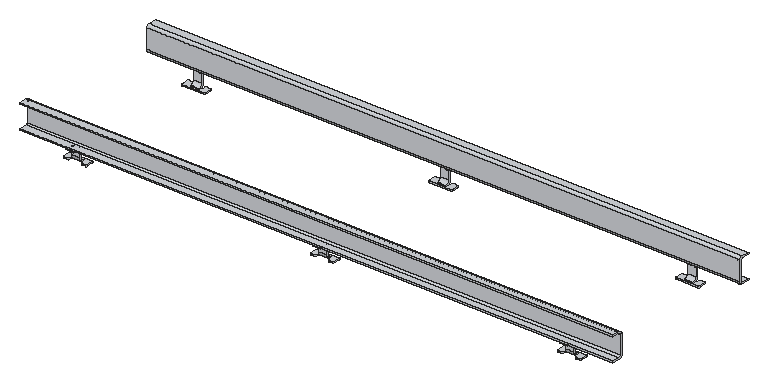
Revit family "C2000", category Specialty Equipment, Revit 2025
Family settings
  Round Connector Dimension = Use Diameter
  Part Type = Normal
  Work Plane-Based = No
  Enable Cutting in Views = No
  Always vertical = Yes
  Cut with Voids When Loaded = No
  Maintain Annotation Orientation = No
  Shared = No
  Room Calculation Point = No
Parameters (values of type "GR-18"")
  GR_LENGTH [instance] = 6' - 0"
  GR_HEIGHT [instance] = 0' - 3"
  Default Elevation = 0' - 0"
  Conveyor_Elevation_In [instance] = 2' - 6"
  CLR_NOMINAL_WIDTH [instance] = 1' - 6"
  BOTTOM CHANNEL GUARD RAIL [instance] = 0' - 1 11/16"
  BETWEEN GUARD RAIL [instance] = CLR_NOMINAL_WIDTH + 0' 1 59/128"  # 1' - 7 59/128"
  Array_NUM [instance] = if(GR_LENGTH = 10' 0", 3, if(GR_LENGTH < 6' 0", 2, 3))  # 3
  Array_Location [instance] = (GR_LENGTH - 1' 0") / (Array_NUM - 1)  # 2' - 6"
Types (5): name | GR_LENGTH | CLR_NOMINAL_WIDTH | BETWEEN GUARD RAIL | Array_Location
  GR-18" | 6' - 0" | 1' - 6" | 1' - 7 59/128" | 2' - 6"
  GR-24" | 11' - 5.84478" | 2' - 0" | 2' - 1 59/128" | 5' - 2.92239"
  GR-30" | 11' - 5.84478" | 2' - 6" | 2' - 7 59/128" | 5' - 2.92239"
  GR-36" | 11' - 5.84478" | 3' - 0" | 3' - 1 59/128" | 5' - 2.92239"
  GR-42" | 11' - 5.84478" | 3' - 6" | 3' - 7 59/128" | 5' - 2.92239"
Reference planes (in)
  plane 1 "Center (Front/Back)": y = 0
  plane 2: z = 0
  plane 3 "Center (Left/Right)": x = 0
  plane 4: z = 30
  plane 5: z = 31.6875
  plane 6: y = -9
  plane 7: y = 9
  plane 8: x = 72
Forms (in)
  Extrusion 1, solid
    sketch origin (0, -45.57592, -5.25) x (0, 1, 0) y (0, 0, 1)
      loop
        line (35.32592, 39.9375) -> (35.32592, 39.79297) -> (36.16269, 39.79297)
        arc (36.16269, 39.79297) -> (36.35269, 39.71427) -> (36.43139, 39.52427) r 0.2687
        line (36.43139, 39.52427) -> (36.43139, 37.28125)
        arc (36.43139, 37.28125) -> (36.37647, 37.14867) -> (36.24389, 37.09375) r 0.1875
        line (36.24389, 37.09375) -> (35.32592, 37.09375) -> (35.32592, 36.9375) -> (36.27514, 36.9375)
        arc (36.27514, 36.9375) -> (36.48782, 37.0256) -> (36.57592, 37.23828) r 0.30078
        line (36.57592, 37.23828) -> (36.57592, 39.5384)
        arc (36.57592, 39.5384) -> (36.45902, 39.82061) -> (36.17682, 39.9375) r 0.3991
        line (36.17682, 39.9375) -> (35.32592, 39.9375)
    from 0 to 72
  Extrusion 2, solid
    sketch origin (0, 19.43173, 79.1139) x (0, -1, 0) y (0, 0, -1)
      loop
        line (9.18173, 47.4264) -> (9.18173, 47.28187) -> (10.08798, 47.28187)
        arc (10.08798, 47.28187) -> (10.22885, 47.22352) -> (10.2872, 47.08265) r 0.19922
        line (10.2872, 47.08265) -> (10.2872, 44.77015)
        arc (10.2872, 44.77015) -> (10.23228, 44.63757) -> (10.0997, 44.58265) r 0.1875
        line (10.0997, 44.58265) -> (9.18173, 44.58265) -> (9.18173, 44.4264) -> (10.13095, 44.4264)
        arc (10.13095, 44.4264) -> (10.34363, 44.51449) -> (10.43173, 44.72718) r 0.30078
        line (10.43173, 44.72718) -> (10.43173, 47.12562)
        arc (10.43173, 47.12562) -> (10.34363, 47.3383) -> (10.13095, 47.4264) r 0.30078
        line (10.13095, 47.4264) -> (9.18173, 47.4264)
    from 0 to 72
Dimensions and locks (in)
  "Conveyor_Elevation_In": level to plane 4
  "BOTTOM CHANNEL GUARD RAIL": plane 4 to plane 5
  Extrusion 1 sketch curve to Extrusion 1 sketch curve = 0' - 1 1/4"  (x2)
  "GR_HEIGHT": Extrusion 1 sketch curve to Extrusion 1 sketch curve
  locked: Extrusion 1 sketch curve to Extrusion 1 sketch curve at 0.14453
  Extrusion 1 sketch curve to Extrusion 1 sketch curve = 0' - 0 37/256"
  locked: Extrusion 2 sketch curve to Extrusion 2 sketch curve at 1.25  (x2)
  "GR_HEIGHT": Extrusion 2 sketch curve to Extrusion 2 sketch curve
  locked: Extrusion 2 sketch curve to Extrusion 2 sketch curve at 0.14453  (x2)
  equal spacing: plane 6, plane 1 "Center (Front/Back)", plane 7
  locked: plane 6 to Extrusion 1
  "CLR_NOMINAL_WIDTH": plane 6 to plane 7
  locked: plane 7 to Extrusion 2
  Extrusion 2 to Extrusion 1 = 1' - 8 1/2"
  "GR_LENGTH": plane 3 "Center (Left/Right)" to plane 8
  plane 3 "Center (Left/Right)" to nested 1 = 0' - 6"
  locked: nested 1 to plane 5
  locked: Extrusion 1 sketch curve to Extrusion 1 sketch curve at 0.15625
  locked: Extrusion 2 sketch curve to Extrusion 2 sketch curve at 0.15625
  equal spacing: group 1, group 2, group 3  (x3)
  "Array_Location": nested 1 to nested 2
  aligned and locked: level to plane 2
  aligned and locked: plane 8 to Extrusion 2
  aligned and locked: plane 8 to Extrusion 1
  aligned and locked: plane 1 "Center (Front/Back)" to nested 1
  aligned and locked: plane 4 to nested 3
Automatic sketch dimensions
  plane 5 to Extrusion 1 sketch curve = 0' - 0"
  Extrusion 1 sketch curve to plane 6 = 0' - 0"
  Extrusion 1 sketch curve to Extrusion 1 sketch curve = 0' - 0.2687"
  Extrusion 1 sketch curve to Extrusion 1 sketch curve = 0' - 0.01413"
  Extrusion 1 sketch curve to Extrusion 1 sketch curve = 0' - 0 3/16"
  Extrusion 1 sketch curve to Extrusion 1 sketch curve = 0' - 0 1/32"
  plane 5 to Extrusion 2 sketch curve = 0' - 0"
  Extrusion 2 sketch curve to plane 7 = 0' - 0"
  Extrusion 2 sketch curve to Extrusion 2 sketch curve = 0' - 0 51/256"
  Extrusion 2 sketch curve to Extrusion 2 sketch curve = 0' - 0 3/16"
  Extrusion 2 sketch curve to Extrusion 2 sketch curve = 0' - 0 1/32"
  Extrusion 2 sketch curve to Extrusion 2 sketch curve = 0' - 0 11/256"
Nested families (in)
  nested 1: "977155" at (6, 0, -0.8525), CLR_NOMINAL_WIDTH <- "CLR_NOMINAL_WIDTH", type "KIT-24''"
    with TOP OF SIDE CHANNEL 2' - 6.84", Conveyor_Elevation_In 2' - 7.2", CLR_NOMINAL_WIDTH 1' - 6", BETWEEN END OF GR KIT 1' - 8 15/32"
  nested 2: "977155" at (36, 0, -0.84625), CLR_NOMINAL_WIDTH <- "CLR_NOMINAL_WIDTH", type "KIT-24''"
    with TOP OF SIDE CHANNEL 2' - 6.84", Conveyor_Elevation_In 2' - 7.2", CLR_NOMINAL_WIDTH 1' - 6", BETWEEN END OF GR KIT 1' - 8 15/32"
  nested 3: "977155" at (66, 0, -0.84), CLR_NOMINAL_WIDTH <- "CLR_NOMINAL_WIDTH", type "KIT-24''"
    with TOP OF SIDE CHANNEL 2' - 6.84", Conveyor_Elevation_In 2' - 7.2", CLR_NOMINAL_WIDTH 1' - 6", BETWEEN END OF GR KIT 1' - 8 15/32"
Definition of nested family "977155"
  Parameters (values of type "KIT18''")
    TOP OF SIDE CHANNEL [instance] = 2' - 6.84"
    Default Elevation = 0' - 0"
    Conveyor_Elevation_In [instance] = 2' - 7.2"
    CLR_NOMINAL_WIDTH [instance] = 1' - 6"
    BETWEEN END OF GR KIT [instance] = CLR_NOMINAL_WIDTH + 0' 2 15/32"  # 1' - 8 15/32"
  Reference planes (in)
    plane 1 "Center (Front/Back)": y = 0
    plane 2: z = 0
    plane 3 "Center (Left/Right)": x = 0
    plane 4 "TOP OF SIDE CHANNEL": z = 30.84
    plane 5: y = 10.23437
    plane 6: y = -10.23438
    plane 7: y = -9
    plane 8: y = 9
  Forms (in)
    Extrusion 1, solid
      sketch origin (-0.5, 2.26693, 30.84) x (1, 0, 0) y (0, 1, 0)
        loop
          line (1.905, 6.33244) -> (1.905, 7.08244)
          arc (1.905, 7.08244) -> (1.86839, 7.17083) -> (1.78, 7.20744) r 0.125
          line (1.78, 7.20744) -> (1.44439, 7.20744)
          arc (1.44439, 7.20744) -> (1.301, 7.16223) -> (1.20947, 7.04295) r 0.25
          line (1.20947, 7.04295) -> (1, 6.46744) -> (0, 6.46744) -> (-0.20947, 7.04295)
          arc (-0.20947, 7.04295) -> (-0.301, 7.16223) -> (-0.44439, 7.20744) r 0.25
          line (-0.44439, 7.20744) -> (-0.78, 7.20744)
          arc (-0.78, 7.20744) -> (-0.86839, 7.17083) -> (-0.905, 7.08244) r 0.125
          line (-0.905, 7.08244) -> (-0.905, 6.33244)
          arc (-0.905, 6.33244) -> (-0.86839, 6.24405) -> (-0.78, 6.20744) r 0.125
          line (-0.78, 6.20744) -> (1.78, 6.20744)
          arc (1.78, 6.20744) -> (1.86839, 6.24405) -> (1.905, 6.33244) r 0.125
      from 0 to 0.12891
    Extrusion 2, solid
      sketch origin (0.5, -2.26693, 30.84) x (-1, 0, 0) y (0, -1, 0)
        loop
          line (1.905, 6.33244) -> (1.905, 7.08244)
          arc (1.905, 7.08244) -> (1.86839, 7.17083) -> (1.78, 7.20744) r 0.125
          line (1.78, 7.20744) -> (1.44439, 7.20744)
          arc (1.44439, 7.20744) -> (1.301, 7.16223) -> (1.20947, 7.04295) r 0.25
          line (1.20947, 7.04295) -> (1, 6.46744) -> (0, 6.46744) -> (-0.20947, 7.04295)
          arc (-0.20947, 7.04295) -> (-0.301, 7.16223) -> (-0.44439, 7.20744) r 0.25
          line (-0.44439, 7.20744) -> (-0.78, 7.20744)
          arc (-0.78, 7.20744) -> (-0.86839, 7.17083) -> (-0.905, 7.08244) r 0.125
          line (-0.905, 7.08244) -> (-0.905, 6.33244)
          arc (-0.905, 6.33244) -> (-0.86839, 6.24405) -> (-0.78, 6.20744) r 0.125
          line (-0.78, 6.20744) -> (1.78, 6.20744)
          arc (1.78, 6.20744) -> (1.86839, 6.24405) -> (1.905, 6.33244) r 0.125
      from 0 to 0.12891
    Extrusion 3, solid
      sketch origin (0.5, 22.18628, -0.48306) x (0, 1, 0) y (0, 0, -1)
        loop
          line (-11.95191, -33.02306) -> (-11.95191, -32.89415) -> (-12.77411, -32.89415)
          arc (-12.77411, -32.89415) -> (-12.81555, -32.87699) -> (-12.83271, -32.83556) r 0.05859
          line (-12.83271, -32.83556) -> (-12.83271, -31.89587)
          arc (-12.83271, -31.89587) -> (-13.00048, -31.49083) -> (-13.40552, -31.32306) r 0.57281
          line (-13.40552, -31.32306) -> (-13.45191, -31.32306) -> (-13.45191, -31.44806) -> (-13.39553, -31.44806)
          arc (-13.39553, -31.44806) -> (-13.08184, -31.57799) -> (-12.95191, -31.89168) r 0.44363
          line (-12.95191, -31.89168) -> (-12.95191, -32.96446)
          arc (-12.95191, -32.96446) -> (-12.93475, -33.00589) -> (-12.89331, -33.02306) r 0.05859
          line (-12.89331, -33.02306) -> (-11.95191, -33.02306)
      from 0 to 1
    Extrusion 4, solid
      sketch origin (-0.5, -22.18628, -0.48306) x (0, -1, 0) y (0, 0, -1)
        loop
          line (-11.95191, -33.02306) -> (-11.95191, -32.89415) -> (-12.77411, -32.89415)
          arc (-12.77411, -32.89415) -> (-12.81555, -32.87699) -> (-12.83271, -32.83556) r 0.05859
          line (-12.83271, -32.83556) -> (-12.83271, -31.89587)
          arc (-12.83271, -31.89587) -> (-13.00048, -31.49083) -> (-13.40552, -31.32306) r 0.57281
          line (-13.40552, -31.32306) -> (-13.45191, -31.32306) -> (-13.45191, -31.44806) -> (-13.39553, -31.44806)
          arc (-13.39553, -31.44806) -> (-13.08184, -31.57799) -> (-12.95191, -31.89168) r 0.44363
          line (-12.95191, -31.89168) -> (-12.95191, -32.96446)
          arc (-12.95191, -32.96446) -> (-12.93475, -33.00589) -> (-12.89331, -33.02306) r 0.05859
          line (-12.89331, -33.02306) -> (-11.95191, -33.02306)
      from 0 to 1
  Dimensions and locks (in)
    "TOP OF SIDE CHANNEL": level to plane 4 "TOP OF SIDE CHANNEL"
    Extrusion 1 sketch curve to Extrusion 1 sketch curve = 0' - 2.81"
    equal spacing: plane 5, plane 1 "Center (Front/Back)", plane 6
    equal spacing: plane 7, plane 1 "Center (Front/Back)", plane 8
    "CLR_NOMINAL_WIDTH": plane 7 to plane 8
    equal spacing: plane 6, plane 1 "Center (Front/Back)", plane 5
    "BETWEEN END OF GR KIT": plane 6 to plane 5
    Extrusion 2 sketch curve to Extrusion 2 sketch curve = 0' - 2.81"
    locked: Extrusion 3 sketch curve to Extrusion 3 sketch curve at 0.12891
    locked: Extrusion 3 sketch curve to Extrusion 3 sketch curve at 1.575
    locked: Extrusion 3 sketch curve to Extrusion 3 sketch curve at 0.125
    Extrusion 3 sketch curve to Extrusion 3 sketch curve = 0' - 1"
    locked: Extrusion 3 to plane 5
    Extrusion 1 to Extrusion 3 = 0' - 0"
    locked: Extrusion 4 sketch curve to Extrusion 4 sketch curve at 0.12891
    locked: Extrusion 4 sketch curve to Extrusion 4 sketch curve at 1.575
    locked: Extrusion 4 sketch curve to Extrusion 4 sketch curve at 0.125
    Extrusion 4 sketch curve to Extrusion 4 sketch curve = 0' - 1"
    locked: plane 6 to Extrusion 4
    locked: Extrusion 2 to Extrusion 4
    aligned and locked: level to plane 2
    aligned and locked: plane 4 "TOP OF SIDE CHANNEL" to Extrusion 1
  Automatic sketch dimensions
    plane 8 to Extrusion 1 sketch curve = 0' - 0.34937"
    Extrusion 1 sketch curve to plane 3 "Center (Left/Right)" = 0' - 1.405"
    Extrusion 1 sketch curve to Extrusion 1 sketch curve = 0' - 0 1/8"  (x4)
    Extrusion 1 sketch curve to Extrusion 1 sketch curve = 0' - 0.33561"
    Extrusion 1 sketch curve to plane 3 "Center (Left/Right)" = 0' - 0 1/2"
    plane 3 "Center (Left/Right)" to Extrusion 1 sketch curve = 0' - 0 1/2"
    plane 8 to Extrusion 1 sketch curve = 0' - 0.30988"  (x2)
    Extrusion 1 sketch curve to Extrusion 1 sketch curve = 0' - 0.20947"
    Extrusion 1 sketch curve to Extrusion 1 sketch curve = 0' - 0.23492"
    plane 8 to Extrusion 1 sketch curve = 0' - 0.22437"  (x2)
    Extrusion 1 sketch curve to plane 8 = 0' - 0 17/64"
    Extrusion 1 sketch curve to plane 8 = 0' - 0.40063"
    Extrusion 1 sketch curve to Extrusion 1 sketch curve = 0' - 0"
    Extrusion 2 sketch curve to plane 7 = 0' - 0.34937"
    plane 3 "Center (Left/Right)" to Extrusion 2 sketch curve = 0' - 1.405"
    Extrusion 2 sketch curve to Extrusion 2 sketch curve = 0' - 0 1/8"  (x4)
    Extrusion 2 sketch curve to Extrusion 2 sketch curve = 0' - 0.33561"
    plane 3 "Center (Left/Right)" to Extrusion 2 sketch curve = 0' - 0 1/2"
    Extrusion 2 sketch curve to plane 3 "Center (Left/Right)" = 0' - 0 1/2"
    Extrusion 2 sketch curve to plane 7 = 0' - 0.30988"  (x2)
    Extrusion 2 sketch curve to Extrusion 2 sketch curve = 0' - 0.20947"
    Extrusion 2 sketch curve to Extrusion 2 sketch curve = 0' - 0.23492"
    Extrusion 2 sketch curve to plane 7 = 0' - 0.22437"  (x2)
    plane 7 to Extrusion 2 sketch curve = 0' - 0 17/64"
    plane 7 to Extrusion 2 sketch curve = 0' - 0.40063"
    Extrusion 2 sketch curve to Extrusion 2 sketch curve = 0' - 0"
    plane 4 "TOP OF SIDE CHANNEL" to Extrusion 3 sketch curve = 0' - 0"
    Extrusion 3 sketch curve to plane 5 = 0' - 0"
    Extrusion 3 sketch curve to plane 8 = 0' - 0.20925"
    Extrusion 3 sketch curve to Extrusion 3 sketch curve = 0' - 0.00998"
    Extrusion 3 sketch curve to Extrusion 3 sketch curve = 0' - 0.04639"
    Extrusion 3 sketch curve to Extrusion 3 sketch curve = 0' - 0 15/256"  (x2)
    Extrusion 3 sketch curve to Extrusion 3 sketch curve = 0' - 0.06061"
    plane 4 "TOP OF SIDE CHANNEL" to Extrusion 4 sketch curve = 0' - 0"
    plane 1 "Center (Front/Back)" to Extrusion 4 sketch curve = 0' - 8 47/64"
    Extrusion 4 sketch curve to Extrusion 4 sketch curve = 0' - 0.04639"
    Extrusion 4 sketch curve to Extrusion 4 sketch curve = 0' - 0.05637"
    Extrusion 4 sketch curve to Extrusion 4 sketch curve = 0' - 0.45361"
    Extrusion 4 sketch curve to Extrusion 4 sketch curve = 0' - 0 15/256"  (x2)
    Extrusion 4 sketch curve to Extrusion 4 sketch curve = 0' - 0.06061"
